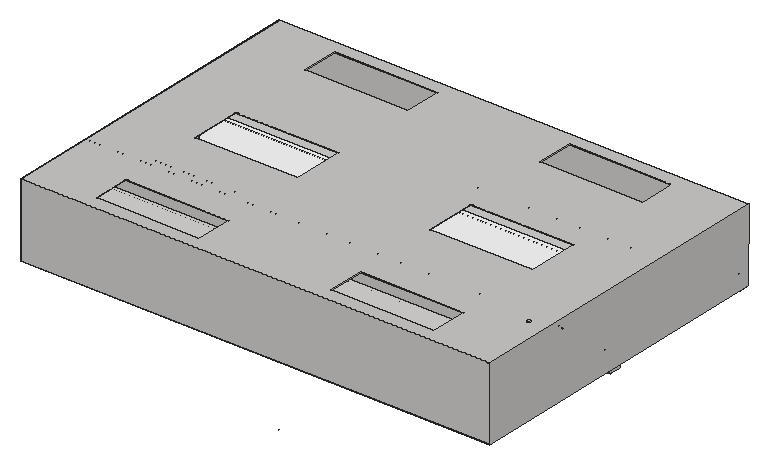
Revit family "QF_ELECTROLUXPROFESSIONAL_641269_STCF2232", category Attrezzature speciali, Revit 2021
Family settings
  Quota connettore circolare = Usa diametro
  Tipo di parte = Normale
  Basato su piano di lavoro = No
  Sempre verticale = Sì
  Taglio con vuoti quando caricato = No
  Condiviso = No
  Punto di calcolo locali = No
Parameters (values of type "Standard")
  Weight = 250.00 kg
  Watts = 480 W
  Volts = 220 V
  URL Manufacturer = "https://www.electroluxprofessional.com/"
  URL = "https://www.electroluxprofessional.com/"
  Steam Supply Size = 0 mm
  Steam Supply Minimum Pressure = 0.0 Pa
  Steam Supply Maximum Pressure = 0.0 Pa
  Steam Consumption per Hour = 0
  Refrigeration Suction Line Size = 0 mm
  Refrigeration Liquid Line Size = 0 mm
  Refrigerant Compressor Remote = yes
  Prospetto di default = 0 mm
  Produttore = "Electrolux Professional"
  Phase = 1
  Modello = "STCF2232"
  Length Actual = 3200 mm  # constant formula
  Item Number = "641269"
  Hot Water Size = 0 mm
  Height Actual = 500 mm  # constant formula
  HP = "0.6 HP"
  Gas Size = 0 mm
  Gas KW = 0
  Gas Input Pressure = 0 W
  Direct Waste Size = 0 mm
  Descrizione = "304 S/S ISLAND HOOD+FILT.+LAMP 3200X2200"
  Depth Actual = 2200 mm  # constant formula
  Cycle = 50 Hz
  Condensate Return Size = 0 mm
  Compressed Air Volume = 0.0 L/s
  Compressed Air Size = 0 mm
  Compressed Air Pressure = 0.0 Pa
  Cold Water Size = 0 mm
  Accessory = yes
Reference planes
  plane 1: z = 0
  plane 2 "Center (Left/Right)": x = 150
  plane 3 "LEFT": x = -1450
  plane 4 "RIGHT": x = 1750
  plane 5 "BACK": y = 550
  plane 6 "TOP": z = 2500
  plane 7 "Base": z = 2000
  plane 8: z = 1955
  plane 9: x = -1447
  plane 10 "DrainX": x = 1630
  plane 11 "AOLeft2": x = -300
  plane 12 "AORight1": x = 600
  plane 13: x = 1747
  plane 14: x = -1250
  plane 15: x = 1550
  plane 16 "Center (Front/Back)": y = -550
  plane 17 "Front": y = -1650
  plane 18 "AOLeft1": x = -1000
  plane 19 "AORight2": x = 1300
  plane 20 "EI_y": y = -1170
  plane 21 "EIx": x = 1630
  plane 22: y = 464
  plane 23: y = 214
  plane 24: y = -1564
  plane 25: y = -1314
  plane 26: y = -375
  plane 27: y = -725
Forms (mm)
  Extrusion 1, solid, material "QF_Finishes_Stainless Steel"
    sketch origin (-1450, 0, 360) x (0, 1, 0) y (0, 0, 1)
      loop
        line (550, 1640) -> (550, 2140) -> (-1650, 2140) -> (-1650, 1640) -> (550, 1640)
    from 0 to 3
  Extrusion 2, solid, material "QF_Finishes_Stainless Steel"
    sketch origin (1750, 0, 360) x (0, 1, 0) y (0, 0, 1)
      loop
        line (550, 1640) -> (550, 2140) -> (-1650, 2140) -> (-1650, 1640) -> (550, 1640)
    from 0 to -3
  Extrusion 3, solid, material "QF_Finishes_Stainless Steel"
    sketch origin (150, 0, 360) x (0, 1, 0) y (0, 0, 1)
      loop
        line (-1650, 2140) -> (-1650, 1640) -> (-1640, 1640) -> (-1640, 1640.8) -> (-1649.2, 1640.8) -> (-1649.2, 2139.19) -> (549.2, 2139.19) -> (549.2, 1640.8) -> (540, 1640.8) -> (540, 1640) -> (550, 1640) -> (550, 2140) -> (-1650, 2140)
    from -1600 to 1600
  Extrusion 4, solid, material "QF_Finishes_Stainless Steel"
    sketch origin (0, -840, 2000) x (0, 1, 0) y (-1, 0, 0)
      loop
        circle (290, -1630) r 4.763
    from -30 to 0
  Extrusion 5, void
    sketch origin (0, 0, 2500) x (0, 1, 0) y (-1, 0, 0)
      loop
        line (-1564, 300) -> (-1314, 300) -> (-1314, 1000) -> (-1564, 1000) -> (-1564, 300)
    from 0 to -10
  Extrusion 6, solid, material "QF_Finishes_Stainless Steel"
    sketch origin (0, 0, 0) x (1, 0, 0) y (0, 1, 0)
      loop
        line (-1450, 550) -> (-1450, 549) -> (-1449, 549) -> (-1449, 550) -> (-1450, 550)
    from 0 to 1
  Sweep 7, solid, material "QF_Finishes_Stainless Steel"
    path origin (0, 0, 0) x (1, 0, 0) y (0, 1, 0)
      loop
        line (1750, 550) -> (-1450, 550) -> (-1450, -1650) -> (1750, -1650) -> (1750, 550)
    profile origin (1750, -550, 0) x (1, 0, 0) y (0, 0, 1)
      loop
        line (-3, 2000) -> (-3, 2000.8) -> (-19, 2000.8) -> (-19, 2010) -> (-20, 2010) -> (-20, 2000) -> (-3, 2000)
  Extrusion 8, solid, material "QF_Finishes_Stainless Steel"
    sketch origin (150, -636.588, -19.176) x (0, 0.995194, 0.097925) y (0, -0.097925, 0.995194)
      loop
        line (214.66, 2095.469) -> (240.643, 2110.471) -> (61.744, 2411.771) -> (35.948, 2396.455) -> (214.66, 2095.469)
    from -1597 to -1400
  Extrusion 9, void
    sketch origin (1134.605, 0, 2500) x (0, 1, 0) y (-1, 0, 0)
      loop
        line (-1564, -165.395) -> (-1314, -165.395) -> (-1314, 534.605) -> (-1564, 534.605) -> (-1564, -165.395)
    from 0 to -10
  Extrusion 10, solid, material "QF_Finishes_Stainless Steel"
    sketch origin (1630, -840, 0) x (0, 1, 0) y (0, 0, 1)
      loop
        line (339, 2000) -> (241, 2000) -> (241, 1989) -> (248.5, 1989) -> (248.5, 1965)
        arc (248.5, 1965) -> (251.429, 1957.929) -> (258.5, 1955) r 10
        line (258.5, 1955) -> (321.5, 1955)
        arc (321.5, 1955) -> (328.571, 1957.929) -> (331.5, 1965) r 10
        line (331.5, 1965) -> (331.5, 1989) -> (339, 1989) -> (339, 2000)
    from 90 to -90
  Extrusion 11, solid, material "QF_Finishes_Stainless Steel"
    sketch origin (150, -636.588, -19.176) x (0, 0.995194, 0.097925) y (0, -0.097925, 0.995194)
      loop
        line (214.66, 2095.469) -> (240.643, 2110.471) -> (61.744, 2411.771) -> (35.948, 2396.455) -> (214.66, 2095.469)
    from 1400 to 1597
  Extrusion 12, solid, material "QF_Finished_Chrome"
    sketch origin (150, -636.588, -19.176) x (0, 0.995194, 0.097925) y (0, -0.097925, 0.995194)
      loop
        line (214.66, 2095.469) -> (240.643, 2110.471) -> (61.744, 2411.771) -> (35.948, 2396.455) -> (214.66, 2095.469)
    from -1400 to 1400
  Extrusion 13, void
    sketch origin (0, 1180, 2500) x (0, 1, 0) y (-1, 0, 0)
      loop
        line (-1555, 300) -> (-1555, 1000) -> (-1905, 1000) -> (-1905, 300) -> (-1555, 300)
    from 0 to -10
  Extrusion 14, void
    sketch origin (1600, 1180, 2500) x (0, 1, 0) y (-1, 0, 0)
      loop
        line (-1555, 300) -> (-1555, 1000) -> (-1905, 1000) -> (-1905, 300) -> (-1555, 300)
    from 0 to -10
  Extrusion 15, solid, material "QF_Finishes_Stainless Steel"
    sketch origin (0, 0, 2500) x (0, 1, 0) y (-1, 0, 0)
      loop
        circle (-1170, -1630) r 10
    from 0 to 1.6
  Extrusion 16, solid, material "QF_LAMPS"
    sketch origin (150, -267.149, 218.369) x (0, 0.987229, -0.159309) y (0, 0.159309, 0.987229)
      loop
        line (-1250.105, 1928.62) -> (-1096.231, 2053.226) -> (-1104.529, 2063.269) -> (-1258.575, 1938.524) -> (-1250.105, 1928.62)
    from 1597 to -1597
  Extrusion 17, solid, material "QF_Finishes_Stainless Steel"
    sketch origin (150, 0, 360) x (0, 1, 0) y (0, 0, 1)
      loop
        line (-1650, 2139.19) -> (-1650, 1640) -> (-1586.602, 1640) -> (-1499.146, 1690.493) -> (-1510.058, 1709.394) -> (-1566.564, 1676.77) -> (-1614.704, 1680.982) -> (-1649.2, 1730.248) -> (-1649.2, 2139.19) -> (-1650, 2139.19)
      loop
        line (-1194.054, 1961.505) -> (-1200.838, 1972.631) -> (-1186.477, 1980.7) -> (-1186.477, 2127.391) -> (-1085.664, 2127.391) -> (-1029.871, 2072.95) -> (-1022.281, 2060.013) -> (-919.435, 2120.351) -> (-919.902, 2121.003) -> (-1021.996, 2061.107) -> (-1029.236, 2073.448) -> (-1085.338, 2128.191) -> (-1187.277, 2128.191) -> (-1187.277, 1982.446) -> (-1586.208, 1744.533) -> (-1576.362, 1728.386) -> (-1194.054, 1961.505)
    from -1597 to 1597
  Extrusion 18, void
    sketch origin (0, 814, 2500) x (0, 1, 0) y (-1, 0, 0)
      loop
        line (-600, 300) -> (-350, 300) -> (-350, 1000) -> (-600, 1000) -> (-600, 300)
    from 0 to -10
  Extrusion 19, void
    sketch origin (1134.605, 814, 2500) x (0, 1, 0) y (-1, 0, 0)
      loop
        line (-600, -165.395) -> (-350, -165.395) -> (-350, 534.605) -> (-600, 534.605) -> (-600, -165.395)
    from 0 to -10
  Extrusion 20, solid, material "QF_Finishes_Stainless Steel"
    sketch origin (150, 0, 0) x (0, 1, 0) y (0, 0, 1)
      loop
        line (-628.158, 2087.242) -> (-603.769, 2104.716) -> (-811.314, 2387.05) -> (-835.486, 2369.281) -> (-628.158, 2087.242)
    from -1597 to -1400
  Extrusion 21, solid, material "QF_Finished_Chrome"
    sketch origin (150, 0, 0) x (0, 1, 0) y (0, 0, 1)
      loop
        line (-628.158, 2087.242) -> (-603.769, 2104.716) -> (-811.314, 2387.05) -> (-835.486, 2369.281) -> (-628.158, 2087.242)
    from -1400 to 1400
  Extrusion 22, solid, material "QF_Finishes_Stainless Steel"
    sketch origin (150, -870.88, 319.508) x (0, 0.995194, 0.097925) y (0, -0.097925, 0.995194)
      loop
        line (426.151, 1646.675) -> (483.9, 1640.993) -> (483.982, 1641.83) -> (426.613, 1647.475) -> (371.906, 1742.23) -> (414.858, 1734.657) -> (442.266, 1750.481) -> (442.266, 1765.943) -> (441.466, 1765.943) -> (441.466, 1750.943) -> (414.709, 1735.495) -> (321.153, 1751.991) -> (320.875, 1750.416) -> (371.4, 1741.507) -> (426.151, 1646.675)
      loop
        line (162.878, 2155.907) -> (242.893, 2017.316) -> (245.133, 2018.715) -> (240.13, 2027.381) -> (238.569, 2026.405) -> (163.571, 2156.307) -> (162.878, 2155.907)
    from -1597 to 1597
  Extrusion 23, solid, material "QF_Finishes_Stainless Steel"
    sketch origin (150, -463.412, -19.176) x (0, -0.995194, 0.097925) y (0, -0.097925, -0.995194)
      loop
        line (214.66, -2095.469) -> (35.948, -2396.455) -> (61.744, -2411.771) -> (240.643, -2110.471) -> (214.66, -2095.469)
    from 1400 to 1597
  Extrusion 24, solid, material "QF_Finishes_Stainless Steel"
    sketch origin (150, 0, 0) x (0, 1, 0) y (0, 0, 1)
      loop
        line (-471.842, 2087.242) -> (-264.514, 2369.281) -> (-288.686, 2387.05) -> (-496.231, 2104.716) -> (-471.842, 2087.242)
    from -1597 to -1400
  Extrusion 25, solid, material "QF_Finished_Chrome"
    sketch origin (150, 0, 0) x (0, 1, 0) y (0, 0, 1)
      loop
        line (-471.842, 2087.242) -> (-264.514, 2369.281) -> (-288.686, 2387.05) -> (-496.231, 2104.716) -> (-471.842, 2087.242)
    from -1400 to 1400
  Extrusion 26, solid, material "QF_Finishes_Stainless Steel"
    sketch origin (150, -229.12, 319.508) x (0, -0.995194, 0.097925) y (0, -0.097925, -0.995194)
      loop
        line (426.151, -1646.675) -> (371.4, -1741.507) -> (320.875, -1750.416) -> (321.153, -1751.991) -> (414.709, -1735.495) -> (441.466, -1750.943) -> (441.466, -1765.943) -> (442.266, -1765.943) -> (442.266, -1750.481) -> (414.858, -1734.657) -> (371.906, -1742.23) -> (426.613, -1647.475) -> (483.982, -1641.83) -> (483.9, -1640.993) -> (426.151, -1646.675)
      loop
        line (162.878, -2155.907) -> (163.571, -2156.307) -> (238.569, -2026.405) -> (240.13, -2027.381) -> (245.133, -2018.715) -> (242.893, -2017.316) -> (162.878, -2155.907)
    from -1597 to 1597
  Extrusion 27, solid, material "QF_LAMPS"
    sketch origin (150, -832.851, 218.369) x (0, -0.987229, -0.159309) y (0, 0.159309, -0.987229)
      loop
        line (-1250.105, -1928.62) -> (-1258.575, -1938.524) -> (-1104.529, -2063.269) -> (-1096.231, -2053.226) -> (-1250.105, -1928.62)
    from 1597 to -1597
  Extrusion 28, solid, material "QF_Finishes_Stainless Steel"
    sketch origin (150, -1100, 360) x (0, -1, 0) y (0, 0, -1)
      loop
        line (-1650, -2139.19) -> (-1649.2, -2139.19) -> (-1649.2, -1730.248) -> (-1614.704, -1680.982) -> (-1566.564, -1676.77) -> (-1510.058, -1709.394) -> (-1499.146, -1690.493) -> (-1586.602, -1640) -> (-1650, -1640) -> (-1650, -2139.19)
      loop
        line (-1194.054, -1961.505) -> (-1576.362, -1728.386) -> (-1586.208, -1744.533) -> (-1187.277, -1982.446) -> (-1187.277, -2128.191) -> (-1085.338, -2128.191) -> (-1029.236, -2073.448) -> (-1021.996, -2061.107) -> (-919.902, -2121.003) -> (-919.435, -2120.351) -> (-1022.281, -2060.013) -> (-1029.871, -2072.95) -> (-1085.664, -2127.391) -> (-1186.477, -2127.391) -> (-1186.477, -1980.7) -> (-1200.838, -1972.631) -> (-1194.054, -1961.505)
    from -1597 to 1597
Cuts and joins
  Extrusion 5, Extrusion 9, Extrusion 13, Extrusion 14, Extrusion 18, Extrusion 19 cuts Extrusion 3
  joined: Extrusion 2, Extrusion 3, Sweep 7
Lines and regions (mm)
  symbolic lines, style "SpecialityEquipment", detail levels coarse
    curve 1: line (1750, 550, 2500) -> (-1450, 550, 2500)
    curve 2: line (-1450, 550, 2500) -> (-1450, -1650, 2500)
    curve 3: line (1750, -1650, 2500) -> (1750, 550, 2500)
    curve 4: line (-1450, 550, 0) -> (1750, -1650, 0)
    curve 5: line (1750, 550, 0) -> (-1450, -1650, 0)
    curve 6: line (-1450, -1650, 0) -> (1750, -1650, 0)
  symbolic lines, detail levels coarse
    curve 7: line (-1000, 464, 2500) -> (-300, 464, 2500)
    curve 8: line (-1000, 214, 2500) -> (-1000, 464, 2500)
    curve 9: line (-300, 214, 2500) -> (-1000, 214, 2500)
    curve 10: line (-300, 464, 2500) -> (-300, 214, 2500)
    curve 11: line (600, 464, 2500) -> (1300, 464, 2500)
    curve 12: line (600, 214, 2500) -> (600, 464, 2500)
    curve 13: line (1300, 214, 2500) -> (600, 214, 2500)
    curve 14: line (1300, 464, 2500) -> (1300, 214, 2500)
    curve 15: line (-1000, -375, 2500) -> (-300, -375, 2500)
    curve 16: line (-1000, -725, 2500) -> (-1000, -375, 2500)
    curve 17: line (-300, -725, 2500) -> (-1000, -725, 2500)
    curve 18: line (-300, -375, 2500) -> (-300, -725, 2500)
    curve 19: line (600, -375, 2500) -> (1300, -375, 2500)
    curve 20: line (600, -725, 2500) -> (600, -375, 2500)
    curve 21: line (1300, -725, 2500) -> (600, -725, 2500)
    curve 22: line (1300, -375, 2500) -> (1300, -725, 2500)
    curve 23: line (-1000, -1314, 2500) -> (-300, -1314, 2500)
    curve 24: line (-1000, -1564, 2500) -> (-1000, -1314, 2500)
    curve 25: line (-300, -1564, 2500) -> (-1000, -1564, 2500)
    curve 26: line (-300, -1314, 2500) -> (-300, -1564, 2500)
    curve 27: line (600, -1314, 2500) -> (1300, -1314, 2500)
    curve 28: line (600, -1564, 2500) -> (600, -1314, 2500)
    curve 29: line (1300, -1564, 2500) -> (600, -1564, 2500)
    curve 30: line (1300, -1314, 2500) -> (1300, -1564, 2500)
Dimensions and locks
  plane 3 "LEFT" to plane 4 "RIGHT" = 3200 mm
  equal spacing: plane 3 "LEFT", plane 2 "Center (Left/Right)", plane 4 "RIGHT"
  plane 7 "Base" to plane 8 = 45 mm
  plane 3 "LEFT" to plane 9 = 3 mm
  plane 10 "DrainX" to plane 4 "RIGHT" = 120 mm
  plane 13 to plane 4 "RIGHT" = 3 mm
  plane 3 "LEFT" to plane 14 = 200 mm
  plane 15 to plane 4 "RIGHT" = 200 mm
  locked: plane 11 "AOLeft2" to plane 12 "AORight1" at 900
  equal spacing: plane 11 "AOLeft2", plane 2 "Center (Left/Right)", plane 12 "AORight1"
  locked: plane 7 "Base" to level at 2000
  locked: plane 6 "TOP" to plane 7 "Base" at 500
  locked: plane 18 "AOLeft1" to plane 11 "AOLeft2" at 700
  locked: plane 12 "AORight1" to plane 19 "AORight2" at 700
  locked: plane 20 "EI_y" to plane 17 "Front" at 480
  locked: plane 21 "EIx" to plane 4 "RIGHT" at 120
  locked: plane 5 "BACK" to plane 22 at 86
  plane 22 to plane 23 = 250 mm
  locked: plane 24 to plane 17 "Front" at 86
  locked: plane 24 to plane 25 at 250
  plane 26 to plane 16 "Center (Front/Back)" = 175 mm
  plane 16 "Center (Front/Back)" to plane 27 = 175 mm
  plane 26 to plane 27 = 350 mm
  locked: plane 5 "BACK" to plane 17 "Front" at 2200
  plane 5 "BACK" to plane 16 "Center (Front/Back)" to plane 17 "Front" = 1100 mm, 1100 mm
  plane 5 "BACK" to plane 17 "Front" = 2200 mm
  aligned and locked: level to plane 1
  aligned and locked: plane 4 "RIGHT" to Extrusion 3
  aligned and locked: Extrusion 3 to plane 3 "LEFT"
  aligned and locked: Extrusion 2 to plane 13
  aligned and locked: Extrusion 8 to plane 9
  aligned and locked: plane 18 "AOLeft1" to Extrusion 5
  aligned and locked: Extrusion 5 to plane 11 "AOLeft2"
  aligned and locked: Extrusion 9 to plane 19 "AORight2"
  aligned and locked: plane 12 "AORight1" to Extrusion 9
  aligned and locked: plane 14 to Extrusion 8
  aligned and locked: plane 15 to Extrusion 11
  aligned and locked: plane 13 to Extrusion 11
  aligned and locked: Extrusion 12 to plane 14
  aligned and locked: Extrusion 12 to plane 15
  aligned and locked: plane 12 "AORight1" to Extrusion 14
  aligned and locked: plane 19 "AORight2" to Extrusion 14
  aligned and locked: Extrusion 13 to plane 18 "AOLeft1"
  aligned and locked: Extrusion 13 to plane 11 "AOLeft2"
  aligned and locked: plane 24 to Extrusion 5
  aligned and locked: Extrusion 5 to plane 25
  aligned and locked: Extrusion 9 to plane 25
  aligned and locked: plane 24 to Extrusion 9
  aligned and locked: Extrusion 18 to plane 18 "AOLeft1"
  aligned and locked: Extrusion 18 to plane 11 "AOLeft2"
  aligned and locked: plane 12 "AORight1" to Extrusion 19
  aligned and locked: plane 19 "AORight2" to Extrusion 19
  aligned and locked: plane 26 to Extrusion 13
  aligned and locked: Extrusion 13 to plane 27
  aligned and locked: plane 26 to Extrusion 14
  aligned and locked: Extrusion 14 to plane 27
  aligned and locked: plane 22 to Extrusion 18
  aligned and locked: Extrusion 18 to plane 23
  aligned and locked: plane 22 to Extrusion 19
  aligned and locked: Extrusion 19 to plane 23
  aligned and locked: Extrusion 17 to plane 9
  aligned and locked: Extrusion 16 to plane 9
  aligned and locked: Extrusion 16 to plane 13
  aligned and locked: Extrusion 17 to plane 13
  aligned and locked: Extrusion 28 to plane 9
  aligned and locked: Extrusion 27 to plane 9
  aligned and locked: Extrusion 26 to plane 9
  aligned and locked: plane 9 to Extrusion 20
  aligned and locked: Extrusion 22 to plane 9
  aligned and locked: plane 14 to Extrusion 20
  aligned and locked: Extrusion 25 to plane 14
  aligned and locked: plane 13 to Extrusion 22
  aligned and locked: plane 13 to Extrusion 26
  aligned and locked: plane 13 to Extrusion 28
  aligned and locked: Extrusion 23 to plane 13
  aligned and locked: plane 13 to Extrusion 27
  aligned and locked: Extrusion 21 to plane 14
  aligned and locked: Extrusion 21 to plane 15
  aligned and locked: plane 15 to Extrusion 23
  aligned and locked: Extrusion 25 to plane 15
  aligned and locked: plane 14 to Extrusion 24
  aligned and locked: Extrusion 24 to plane 9
Automatic sketch dimensions
  curve 6 to plane 3 "LEFT" = 0 mm
  curve 4 to plane 3 "LEFT" = 0 mm
  curve 5 to plane 4 "RIGHT" = 0 mm
  curve 6 to plane 4 "RIGHT" = 0 mm
  curve 4 to plane 17 "Front" = 0 mm
  curve 5 to plane 5 "BACK" = 0 mm
  curve 4 to plane 5 "BACK" = 0 mm
  Extrusion 1 sketch curve to plane 7 "Base" = 0 mm
  Extrusion 1 sketch curve to plane 17 "Front" = 0 mm
  Extrusion 1 sketch curve to plane 5 "BACK" = 0 mm
  Extrusion 1 sketch curve to plane 6 "TOP" = 0 mm
  Extrusion 2 sketch curve to plane 7 "Base" = 0 mm
  Extrusion 2 sketch curve to plane 17 "Front" = 0 mm
  Extrusion 2 sketch curve to plane 5 "BACK" = 0 mm
  Extrusion 2 sketch curve to plane 6 "TOP" = 0 mm
  Extrusion 3 sketch curve to plane 6 "TOP" = 0 mm
  Extrusion 3 sketch curve to plane 17 "Front" = 0 mm
  Extrusion 3 sketch curve to plane 7 "Base" = 0 mm  (x2)
  Extrusion 3 sketch curve to plane 5 "BACK" = 0 mm
  plane 17 "Front" to Extrusion 3 sketch curve = 0.8 mm
  Extrusion 3 sketch curve to Extrusion 3 sketch curve = 9.2 mm
  plane 7 "Base" to Extrusion 3 sketch curve = 0.8 mm  (x2)
  Extrusion 3 sketch curve to plane 5 "BACK" = 10 mm
  Extrusion 3 sketch curve to plane 5 "BACK" = 0.8 mm
  Extrusion 3 sketch curve to plane 6 "TOP" = 0.81 mm
  Extrusion 4 sketch curve to plane 10 "DrainX" = 0 mm
  Extrusion 4 sketch curve to plane 16 "Center (Front/Back)" = 0 mm
  Extrusion 5 sketch curve to plane 18 "AOLeft1" = 0 mm
  plane 24 to Extrusion 5 sketch curve = 0 mm
  Extrusion 5 sketch curve to plane 11 "AOLeft2" = 0 mm
  plane 25 to Extrusion 5 sketch curve = 0 mm
  Extrusion 6 sketch curve to plane 3 "LEFT" = 0 mm
  Extrusion 6 sketch curve to plane 5 "BACK" = 0 mm
  plane 3 "LEFT" to Extrusion 6 sketch curve = 1 mm
  Extrusion 6 sketch curve to Extrusion 6 sketch curve = 1 mm
  Sweep 7 sketch curve to plane 3 "LEFT" = 0 mm
  Sweep 7 sketch curve to plane 4 "RIGHT" = 0 mm
  Sweep 7 sketch curve to plane 17 "Front" = 0 mm
  Sweep 7 sketch curve to plane 5 "BACK" = 0 mm
  profile plane to Sweep 7 sketch curve = 20 mm
  Sweep 7 sketch curve to Sweep 7 sketch curve = 1 mm
  profile plane to Sweep 7 sketch curve = 3 mm
  level to Sweep 7 sketch curve = 2000 mm
  Sweep 7 sketch curve to Sweep 7 sketch curve = 0.8 mm
  Sweep 7 sketch curve to Sweep 7 sketch curve = 9.2 mm
  Extrusion 8 sketch curve to plane 27 = 110.486 mm
  Extrusion 8 sketch curve to plane 6 "TOP" = 130.719 mm
  Extrusion 8 sketch curve to Extrusion 8 sketch curve = 25.795 mm
  Extrusion 8 sketch curve to Extrusion 8 sketch curve = 178.712 mm
  Extrusion 8 sketch curve to Extrusion 8 sketch curve = 25.983 mm
  Extrusion 8 sketch curve to Extrusion 8 sketch curve = 285.985 mm
  Extrusion 8 sketch curve to Extrusion 8 sketch curve = 15.001 mm
  Extrusion 8 sketch curve to Extrusion 8 sketch curve = 15.316 mm
  Extrusion 9 sketch curve to plane 12 "AORight1" = 0 mm
  plane 24 to Extrusion 9 sketch curve = 0 mm
  Extrusion 9 sketch curve to plane 19 "AORight2" = 0 mm
  plane 25 to Extrusion 9 sketch curve = 0 mm
  Extrusion 10 sketch curve to plane 8 = 0 mm
  Extrusion 10 sketch curve to plane 7 "Base" = 11 mm  (x2)
  Extrusion 10 sketch curve to plane 16 "Center (Front/Back)" = 49 mm
  Extrusion 10 sketch curve to Extrusion 10 sketch curve = 7.5 mm  (x2)
  plane 8 to Extrusion 10 sketch curve = 10 mm
  plane 16 "Center (Front/Back)" to Extrusion 10 sketch curve = 31.5 mm
  Extrusion 10 sketch curve to Extrusion 10 sketch curve = 10 mm
  plane 7 "Base" to Extrusion 10 sketch curve = 0 mm
  Extrusion 11 sketch curve to plane 27 = 110.486 mm
  Extrusion 11 sketch curve to plane 6 "TOP" = 130.719 mm
  Extrusion 11 sketch curve to Extrusion 11 sketch curve = 25.795 mm
  Extrusion 11 sketch curve to Extrusion 11 sketch curve = 178.712 mm
  Extrusion 11 sketch curve to Extrusion 11 sketch curve = 25.983 mm
  Extrusion 11 sketch curve to Extrusion 11 sketch curve = 285.985 mm
  Extrusion 11 sketch curve to Extrusion 11 sketch curve = 15.001 mm
  Extrusion 11 sketch curve to Extrusion 11 sketch curve = 15.316 mm
  Extrusion 12 sketch curve to plane 27 = 110.486 mm
  Extrusion 12 sketch curve to plane 6 "TOP" = 130.719 mm
  Extrusion 12 sketch curve to Extrusion 12 sketch curve = 25.795 mm
  Extrusion 12 sketch curve to Extrusion 12 sketch curve = 178.712 mm
  Extrusion 12 sketch curve to Extrusion 12 sketch curve = 25.983 mm
  Extrusion 12 sketch curve to Extrusion 12 sketch curve = 285.985 mm
  Extrusion 12 sketch curve to Extrusion 12 sketch curve = 15.001 mm
  Extrusion 12 sketch curve to Extrusion 12 sketch curve = 15.316 mm
  Extrusion 13 sketch curve to plane 11 "AOLeft2" = 0 mm
  Extrusion 13 sketch curve to plane 27 = 0 mm
  Extrusion 13 sketch curve to plane 26 = 0 mm
  Extrusion 13 sketch curve to plane 18 "AOLeft1" = 0 mm
  Extrusion 14 sketch curve to plane 19 "AORight2" = 0 mm
  Extrusion 14 sketch curve to plane 27 = 0 mm
  Extrusion 14 sketch curve to plane 26 = 0 mm
  Extrusion 14 sketch curve to plane 12 "AORight1" = 0 mm
  Extrusion 15 sketch curve to plane 20 "EI_y" = 0 mm
  Extrusion 15 sketch curve to plane 21 "EIx" = 0 mm
  Extrusion 16 sketch curve to plane 20 "EI_y" = 30.826 mm
  Extrusion 16 sketch curve to plane 6 "TOP" = 167.362 mm
  Extrusion 16 sketch curve to Extrusion 16 sketch curve = 8.47 mm
  Extrusion 16 sketch curve to Extrusion 16 sketch curve = 154.047 mm
  Extrusion 16 sketch curve to Extrusion 16 sketch curve = 8.298 mm
  Extrusion 16 sketch curve to Extrusion 16 sketch curve = 9.904 mm
  Extrusion 16 sketch curve to Extrusion 16 sketch curve = 124.605 mm
  Extrusion 16 sketch curve to Extrusion 16 sketch curve = 10.043 mm
  Extrusion 17 sketch curve to plane 17 "Front" = 0 mm
  Extrusion 17 sketch curve to plane 7 "Base" = 0 mm
  plane 17 "Front" to Extrusion 17 sketch curve = 0.8 mm
  plane 17 "Front" to Extrusion 17 sketch curve = 35.296 mm
  plane 24 to Extrusion 17 sketch curve = 22.602 mm
  plane 24 to Extrusion 17 sketch curve = 22.208 mm
  plane 24 to Extrusion 17 sketch curve = 12.362 mm
  plane 24 to Extrusion 17 sketch curve = 2.564 mm
  Extrusion 17 sketch curve to plane 24 = 53.942 mm
  Extrusion 17 sketch curve to Extrusion 17 sketch curve = 10.912 mm
  Extrusion 17 sketch curve to plane 20 "EI_y" = 30.838 mm
  Extrusion 17 sketch curve to Extrusion 17 sketch curve = 6.784 mm
  Extrusion 17 sketch curve to Extrusion 17 sketch curve = 13.561 mm
  Extrusion 17 sketch curve to Extrusion 17 sketch curve = 0.8 mm  (x2)
  Extrusion 17 sketch curve to plane 6 "TOP" = 12.609 mm
  plane 20 "EI_y" to Extrusion 17 sketch curve = 84.336 mm
  Extrusion 17 sketch curve to Extrusion 17 sketch curve = 0.326 mm
  Extrusion 17 sketch curve to plane 6 "TOP" = 67.05 mm
  Extrusion 17 sketch curve to Extrusion 17 sketch curve = 55.793 mm
  Extrusion 17 sketch curve to plane 6 "TOP" = 66.552 mm
  Extrusion 17 sketch curve to Extrusion 17 sketch curve = 0.636 mm
  Extrusion 17 sketch curve to Extrusion 17 sketch curve = 7.59 mm
  Extrusion 17 sketch curve to plane 6 "TOP" = 78.893 mm
  Extrusion 17 sketch curve to Extrusion 17 sketch curve = 0.285 mm
  Extrusion 17 sketch curve to plane 6 "TOP" = 18.997 mm
  Extrusion 17 sketch curve to plane 6 "TOP" = 19.649 mm
  Extrusion 17 sketch curve to Extrusion 17 sketch curve = 0.467 mm
  plane 7 "Base" to Extrusion 17 sketch curve = 36.77 mm
  plane 7 "Base" to Extrusion 17 sketch curve = 40.982 mm
  plane 7 "Base" to Extrusion 17 sketch curve = 50.493 mm
  Extrusion 17 sketch curve to Extrusion 17 sketch curve = 18.901 mm
  Extrusion 17 sketch curve to Extrusion 17 sketch curve = 51.616 mm
  Extrusion 17 sketch curve to Extrusion 17 sketch curve = 49.266 mm
  Extrusion 17 sketch curve to Extrusion 17 sketch curve = 16.147 mm
  Extrusion 17 sketch curve to Extrusion 17 sketch curve = 165.885 mm
  Extrusion 17 sketch curve to Extrusion 17 sketch curve = 8.069 mm
  Extrusion 17 sketch curve to Extrusion 17 sketch curve = 1.746 mm
  Extrusion 17 sketch curve to Extrusion 17 sketch curve = 1.094 mm
  Extrusion 17 sketch curve to plane 6 "TOP" = 0.81 mm
  plane 18 "AOLeft1" to Extrusion 18 sketch curve = 0 mm
  Extrusion 18 sketch curve to plane 23 = 0 mm
  Extrusion 18 sketch curve to plane 11 "AOLeft2" = 0 mm
  Extrusion 18 sketch curve to plane 22 = 0 mm
  Extrusion 19 sketch curve to plane 12 "AORight1" = 0 mm
  Extrusion 19 sketch curve to plane 23 = 0 mm
  Extrusion 19 sketch curve to plane 19 "AORight2" = 0 mm
  Extrusion 19 sketch curve to plane 22 = 0 mm
  Extrusion 22 sketch curve to plane 6 "TOP" = 18.997 mm
  Extrusion 22 sketch curve to plane 27 = 194.902 mm
  Extrusion 22 sketch curve to Extrusion 22 sketch curve = 0.693 mm
  Extrusion 22 sketch curve to Extrusion 22 sketch curve = 74.998 mm
  Extrusion 22 sketch curve to Extrusion 22 sketch curve = 1.561 mm
  Extrusion 22 sketch curve to Extrusion 22 sketch curve = 4.324 mm
  Extrusion 22 sketch curve to Extrusion 22 sketch curve = 2.24 mm
  Extrusion 22 sketch curve to Extrusion 22 sketch curve = 77.982 mm
  Extrusion 22 sketch curve to Extrusion 22 sketch curve = 0.278 mm
  Extrusion 22 sketch curve to Extrusion 22 sketch curve = 50.525 mm
  Extrusion 22 sketch curve to Extrusion 22 sketch curve = 0.506 mm
  Extrusion 22 sketch curve to Extrusion 22 sketch curve = 42.803 mm
  Extrusion 22 sketch curve to Extrusion 22 sketch curve = 0.148 mm
  Extrusion 22 sketch curve to Extrusion 22 sketch curve = 11.294 mm
  Extrusion 22 sketch curve to Extrusion 22 sketch curve = 0.462 mm  (x2)
  Extrusion 22 sketch curve to Extrusion 22 sketch curve = 57.287 mm
  Extrusion 22 sketch curve to Extrusion 22 sketch curve = 0.082 mm
  Extrusion 22 sketch curve to Extrusion 22 sketch curve = 26.757 mm
  Extrusion 22 sketch curve to Extrusion 22 sketch curve = 0.8 mm
  Extrusion 22 sketch curve to Extrusion 22 sketch curve = 128.526 mm
  Extrusion 22 sketch curve to Extrusion 22 sketch curve = 0.975 mm
  Extrusion 22 sketch curve to Extrusion 22 sketch curve = 1.399 mm
  Extrusion 22 sketch curve to Extrusion 22 sketch curve = 252.773 mm
  Extrusion 22 sketch curve to Extrusion 22 sketch curve = 13.951 mm
  Extrusion 22 sketch curve to Extrusion 22 sketch curve = 15 mm
  Extrusion 22 sketch curve to Extrusion 22 sketch curve = 1.575 mm
  Extrusion 22 sketch curve to Extrusion 22 sketch curve = 0.723 mm
  Extrusion 22 sketch curve to Extrusion 22 sketch curve = 0.838 mm
  Extrusion 22 sketch curve to Extrusion 22 sketch curve = 87.182 mm
  Extrusion 22 sketch curve to Extrusion 22 sketch curve = 5.645 mm
  Extrusion 23 sketch curve to plane 26 = 110.486 mm
  plane 6 "TOP" to Extrusion 23 sketch curve = 130.719 mm
  Extrusion 23 sketch curve to Extrusion 23 sketch curve = 25.795 mm
  Extrusion 23 sketch curve to Extrusion 23 sketch curve = 178.712 mm
  Extrusion 23 sketch curve to Extrusion 23 sketch curve = 25.983 mm
  Extrusion 23 sketch curve to Extrusion 23 sketch curve = 285.985 mm
  Extrusion 23 sketch curve to Extrusion 23 sketch curve = 15.001 mm
  Extrusion 23 sketch curve to Extrusion 23 sketch curve = 15.316 mm
  Extrusion 26 sketch curve to plane 6 "TOP" = 18.997 mm
  plane 26 to Extrusion 26 sketch curve = 194.902 mm
  Extrusion 26 sketch curve to Extrusion 26 sketch curve = 0.693 mm
  Extrusion 26 sketch curve to Extrusion 26 sketch curve = 74.998 mm
  Extrusion 26 sketch curve to Extrusion 26 sketch curve = 1.561 mm
  Extrusion 26 sketch curve to Extrusion 26 sketch curve = 4.324 mm
  Extrusion 26 sketch curve to Extrusion 26 sketch curve = 2.24 mm
  Extrusion 26 sketch curve to Extrusion 26 sketch curve = 77.982 mm
  Extrusion 26 sketch curve to Extrusion 26 sketch curve = 0.278 mm
  Extrusion 26 sketch curve to Extrusion 26 sketch curve = 50.525 mm
  Extrusion 26 sketch curve to Extrusion 26 sketch curve = 0.506 mm
  Extrusion 26 sketch curve to Extrusion 26 sketch curve = 42.803 mm
  Extrusion 26 sketch curve to Extrusion 26 sketch curve = 0.148 mm
  Extrusion 26 sketch curve to Extrusion 26 sketch curve = 11.294 mm
  Extrusion 26 sketch curve to Extrusion 26 sketch curve = 0.462 mm  (x2)
  Extrusion 26 sketch curve to Extrusion 26 sketch curve = 57.287 mm
  Extrusion 26 sketch curve to Extrusion 26 sketch curve = 0.082 mm
  Extrusion 26 sketch curve to Extrusion 26 sketch curve = 26.757 mm
  Extrusion 26 sketch curve to Extrusion 26 sketch curve = 0.8 mm
  Extrusion 26 sketch curve to Extrusion 26 sketch curve = 0.4 mm
  Extrusion 26 sketch curve to Extrusion 26 sketch curve = 0.975 mm
  Extrusion 26 sketch curve to Extrusion 26 sketch curve = 1.399 mm
  Extrusion 26 sketch curve to Extrusion 26 sketch curve = 252.773 mm
  Extrusion 26 sketch curve to Extrusion 26 sketch curve = 13.951 mm
  Extrusion 26 sketch curve to Extrusion 26 sketch curve = 15 mm
  Extrusion 26 sketch curve to Extrusion 26 sketch curve = 1.575 mm
  Extrusion 26 sketch curve to Extrusion 26 sketch curve = 0.723 mm
  Extrusion 26 sketch curve to Extrusion 26 sketch curve = 0.838 mm
  Extrusion 26 sketch curve to Extrusion 26 sketch curve = 87.182 mm
  Extrusion 26 sketch curve to Extrusion 26 sketch curve = 5.645 mm
  plane 23 to Extrusion 27 sketch curve = 113.174 mm
  plane 6 "TOP" to Extrusion 27 sketch curve = 167.362 mm
  Extrusion 27 sketch curve to Extrusion 27 sketch curve = 8.47 mm
  Extrusion 27 sketch curve to Extrusion 27 sketch curve = 154.047 mm
  Extrusion 27 sketch curve to Extrusion 27 sketch curve = 8.298 mm
  Extrusion 27 sketch curve to Extrusion 27 sketch curve = 9.904 mm
  Extrusion 27 sketch curve to Extrusion 27 sketch curve = 124.605 mm
  Extrusion 27 sketch curve to Extrusion 27 sketch curve = 10.043 mm
  Extrusion 28 sketch curve to plane 5 "BACK" = 0 mm
  Extrusion 28 sketch curve to plane 7 "Base" = 0 mm
  Extrusion 28 sketch curve to Extrusion 28 sketch curve = 0.8 mm  (x3)
  plane 5 "BACK" to Extrusion 28 sketch curve = 35.296 mm
  Extrusion 28 sketch curve to plane 22 = 22.602 mm
  Extrusion 28 sketch curve to plane 22 = 22.208 mm
  Extrusion 28 sketch curve to plane 22 = 12.362 mm
  Extrusion 28 sketch curve to plane 22 = 2.564 mm
  plane 22 to Extrusion 28 sketch curve = 53.942 mm
  Extrusion 28 sketch curve to Extrusion 28 sketch curve = 10.912 mm
  plane 23 to Extrusion 28 sketch curve = 113.162 mm
  Extrusion 28 sketch curve to Extrusion 28 sketch curve = 6.784 mm
  Extrusion 28 sketch curve to Extrusion 28 sketch curve = 13.561 mm
  plane 6 "TOP" to Extrusion 28 sketch curve = 12.609 mm
  Extrusion 28 sketch curve to Extrusion 28 sketch curve = 100.813 mm
  Extrusion 28 sketch curve to Extrusion 28 sketch curve = 0.326 mm
  plane 6 "TOP" to Extrusion 28 sketch curve = 67.05 mm
  Extrusion 28 sketch curve to Extrusion 28 sketch curve = 55.793 mm
  plane 6 "TOP" to Extrusion 28 sketch curve = 66.552 mm
  Extrusion 28 sketch curve to Extrusion 28 sketch curve = 0.636 mm
  plane 6 "TOP" to Extrusion 28 sketch curve = 79.987 mm
  Extrusion 28 sketch curve to Extrusion 28 sketch curve = 7.59 mm
  plane 6 "TOP" to Extrusion 28 sketch curve = 78.893 mm
  Extrusion 28 sketch curve to Extrusion 28 sketch curve = 0.285 mm
  plane 6 "TOP" to Extrusion 28 sketch curve = 18.997 mm
  plane 6 "TOP" to Extrusion 28 sketch curve = 19.649 mm
  Extrusion 28 sketch curve to Extrusion 28 sketch curve = 0.467 mm
  Extrusion 28 sketch curve to plane 7 "Base" = 36.77 mm
  Extrusion 28 sketch curve to plane 7 "Base" = 40.982 mm
  Extrusion 28 sketch curve to plane 7 "Base" = 50.493 mm
  Extrusion 28 sketch curve to Extrusion 28 sketch curve = 18.901 mm
  Extrusion 28 sketch curve to Extrusion 28 sketch curve = 51.616 mm
  Extrusion 28 sketch curve to Extrusion 28 sketch curve = 49.266 mm
  Extrusion 28 sketch curve to Extrusion 28 sketch curve = 16.147 mm
  Extrusion 28 sketch curve to Extrusion 28 sketch curve = 165.885 mm
  Extrusion 28 sketch curve to Extrusion 28 sketch curve = 8.069 mm
  Extrusion 28 sketch curve to Extrusion 28 sketch curve = 1.746 mm
  plane 6 "TOP" to Extrusion 28 sketch curve = 0.81 mm
  Extrusion 21 sketch curve to plane 27 = 110.486 mm
  Extrusion 21 sketch curve to Extrusion 21 sketch curve = 24.172 mm
  Extrusion 21 sketch curve to plane 16 "Center (Front/Back)" = 78.158 mm
  Extrusion 21 sketch curve to Extrusion 21 sketch curve = 24.389 mm
  plane 7 "Base" to Extrusion 21 sketch curve = 87.242 mm
  Extrusion 21 sketch curve to Extrusion 21 sketch curve = 17.473 mm
  Extrusion 21 sketch curve to plane 6 "TOP" = 130.719 mm
  Extrusion 21 sketch curve to Extrusion 21 sketch curve = 17.769 mm
  Extrusion 20 sketch curve to plane 27 = 110.486 mm
  Extrusion 20 sketch curve to Extrusion 20 sketch curve = 24.172 mm
  Extrusion 20 sketch curve to plane 16 "Center (Front/Back)" = 78.158 mm
  Extrusion 20 sketch curve to Extrusion 20 sketch curve = 24.389 mm
  plane 7 "Base" to Extrusion 20 sketch curve = 87.242 mm
  Extrusion 20 sketch curve to Extrusion 20 sketch curve = 17.473 mm
  Extrusion 20 sketch curve to plane 6 "TOP" = 130.719 mm
  Extrusion 20 sketch curve to Extrusion 20 sketch curve = 17.769 mm
  plane 16 "Center (Front/Back)" to Extrusion 24 sketch curve = 53.769 mm
  Extrusion 24 sketch curve to Extrusion 24 sketch curve = 24.389 mm
  plane 26 to Extrusion 24 sketch curve = 86.314 mm
  Extrusion 24 sketch curve to Extrusion 24 sketch curve = 24.172 mm
  plane 7 "Base" to Extrusion 24 sketch curve = 87.242 mm
  Extrusion 24 sketch curve to Extrusion 24 sketch curve = 17.473 mm
  Extrusion 24 sketch curve to plane 6 "TOP" = 130.719 mm
  Extrusion 24 sketch curve to Extrusion 24 sketch curve = 17.769 mm
  plane 16 "Center (Front/Back)" to Extrusion 25 sketch curve = 53.769 mm
  Extrusion 25 sketch curve to Extrusion 25 sketch curve = 24.389 mm
  plane 26 to Extrusion 25 sketch curve = 86.314 mm
  Extrusion 25 sketch curve to Extrusion 25 sketch curve = 24.172 mm
  plane 7 "Base" to Extrusion 25 sketch curve = 87.242 mm
  Extrusion 25 sketch curve to Extrusion 25 sketch curve = 17.473 mm
  Extrusion 25 sketch curve to plane 6 "TOP" = 130.719 mm
  Extrusion 25 sketch curve to Extrusion 25 sketch curve = 17.769 mm
  curve 2 to plane 3 "LEFT" = 0 mm
  curve 2 to plane 17 "Front" = 0 mm
  curve 3 to plane 4 "RIGHT" = 0 mm
  curve 3 to plane 17 "Front" = 0 mm
  curve 29 to plane 12 "AORight1" = 0 mm
  plane 24 to curve 29 = 0 mm
  curve 25 to plane 11 "AOLeft2" = 0 mm
  plane 24 to curve 25 = 0 mm
  plane 25 to curve 26 = 0 mm
  plane 25 to curve 28 = 0 mm
  curve 22 to plane 19 "AORight2" = 0 mm
  curve 22 to plane 27 = 0 mm
  curve 18 to plane 11 "AOLeft2" = 0 mm
  curve 18 to plane 27 = 0 mm
  curve 16 to plane 18 "AOLeft1" = 0 mm
  curve 16 to plane 26 = 0 mm
  curve 19 to plane 12 "AORight1" = 0 mm
  curve 19 to plane 26 = 0 mm
  curve 13 to plane 12 "AORight1" = 0 mm
  curve 13 to plane 23 = 0 mm
  curve 9 to plane 11 "AOLeft2" = 0 mm
  curve 9 to plane 23 = 0 mm
  curve 10 to plane 22 = 0 mm
  curve 12 to plane 22 = 0 mm
  curve 2 to plane 5 "BACK" = 0 mm
  curve 27 to plane 19 "AORight2" = 0 mm
  curve 14 to plane 19 "AORight2" = 0 mm
  curve 7 to plane 18 "AOLeft1" = 0 mm
  curve 24 to plane 18 "AOLeft1" = 0 mm
  radius of Extrusion 4 sketch curve = 4.763 mm
  radius of Extrusion 15 sketch curve = 10 mm
Connectors
  piping at (1630, -550, 1970), diameter 9.5
    settings: on Extrusion 4, index 1, connector inside diameter 609.6 mm, connector length 0 mm, flow factor 0, pipe flow 0.0 L/s, pressure drop 0.0 Pa, fitting loss kfactor 0, connector angle 0.00°, fixture units 0, engagement length 0 mm, angle of deflection 0.00°, flow configuration 1, flow direction 2, fitting loss method 0, system type 16, joint type 0, gender type 0, connector reference index -1, connector utility 0, adjustable connector no, is connector primary yes, connector description "Drain"
  hvac at (-650, -1439, 2500)
    settings: on Extrusion 5, index 2, duct flow 0.0 L/s, flow factor 0, pres drop 0.0 Pa, loss coef 0, conn angle 0.00°, conn width 250 mm, conn height 700 mm, conn diameter 609.6 mm, duct sys type 1, conn prof type 1, flow config 1, flow direction 1, loss method 0, conn ref index -1, conn util no, is conn primary yes, conn desc "AIR INLET"
  hvac at (950, -1439, 2500)
    settings: on Extrusion 9, index 3, duct flow 0.0 L/s, flow factor 0, pres drop 0.0 Pa, loss coef 0, conn angle 0.00°, conn width 250 mm, conn height 700 mm, conn diameter 609.6 mm, duct sys type 1, conn prof type 1, flow config 1, flow direction 1, loss method 0, conn ref index -1, conn util no, is conn primary no, conn desc "AIR INLET"
  hvac at (-650, -550, 2500)
    settings: on Extrusion 13, index 4, duct flow 0.0 L/s, flow factor 0, pres drop 0.0 Pa, loss coef 0, conn angle 0.00°, conn width 350 mm, conn height 700 mm, conn diameter 609.6 mm, duct sys type 3, conn prof type 1, flow config 1, flow direction 2, loss method 0, conn ref index -1, conn util no, is conn primary no, conn desc "EXHAUST OUTLET"
  hvac at (950, -550, 2500)
    settings: on Extrusion 14, index 5, duct flow 0.0 L/s, flow factor 0, pres drop 0.0 Pa, loss coef 0, conn angle 0.00°, conn width 350 mm, conn height 700 mm, conn diameter 609.6 mm, duct sys type 3, conn prof type 1, flow config 1, flow direction 2, loss method 0, conn ref index -1, conn util no, is conn primary no, conn desc "EXHAUST OUTLET"
  electrical at (1630, -1170, 2501.6), driven by "Volts"
    settings: on Extrusion 15, index 6, voltage 220 V, apparent load 0 VA, apparent load phase1 0 VA, apparent load phase2 0 VA, apparent load phase3 0 VA, power factor 1, load classification "Other", number of poles 1, system type 30, power factor state 1, is connector primary yes, connector utility no, sub classification motor no, connector description "Electrical Connection"
  hvac at (-650, 339, 2500)
    settings: on Extrusion 18, index 7, duct flow 0.0 L/s, flow factor 0, pres drop 0.0 Pa, loss coef 0, conn angle 0.00°, conn width 250 mm, conn height 700 mm, conn diameter 609.6 mm, duct sys type 1, conn prof type 1, flow config 1, flow direction 1, loss method 0, conn ref index -1, conn util no, is conn primary no, conn desc "AIR INLET"
  hvac at (950, 339, 2500)
    settings: on Extrusion 19, index 8, duct flow 0.0 L/s, flow factor 0, pres drop 0.0 Pa, loss coef 0, conn angle 0.00°, conn width 250 mm, conn height 700 mm, conn diameter 609.6 mm, duct sys type 1, conn prof type 1, flow config 1, flow direction 1, loss method 0, conn ref index -1, conn util no, is conn primary no, conn desc "AIR INLET"
